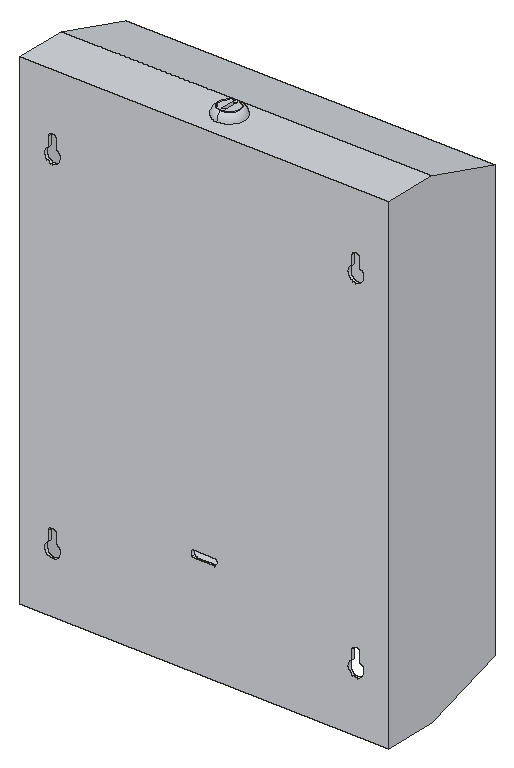
Revit family "AX9001_0016", category Appareils sanitaires, Revit 2016
Family settings
  Hôte = Mur
  Type d'élément = Normal
  Cote de connecteur circulaire = Utiliser le diamètre
  Numéro OmniClass = 23.75.00.00
  Titre OmniClass = Climate Control (HVAC)
  Toujours verticalement = Oui
  Couper avec des vides une fois chargée = Non
  Partagée = Non
  Point de calcul de pièce = Non
Parameters (values of type "Type 1")
  URL = "https://www.axeuro.com/en/wall-mounted-paper-towel-dispensers/15477-paper-towel-dispenser-ax9001-3700926005727.html"
  Type de produit / Type of product = "Distributeur d'essuie-mains / Paper towel dispenser"  # constant formula
  Référence / Reference = "AX9001, AX9001P"  # constant formula
  Model = ""
  Manufacturer = ""
  Entreprise / Company = "Axeuro"  # constant formula
  Description = ""
Reference planes
  plane 1 "Mur": y = 0
  plane 2 "Centre (gauche/droite)": x = 0
  plane 3 "Arrière": y = 75
Forms (mm)
  Extrusion 1, solid
    sketch origin (0, 0, 0) x (0, 1, 0) y (0, 0, 1)
      loop
        line (75, 2098.21) -> (75, 1727.21) -> (115, 1727.21) -> (175.04, 1746.082) -> (175.04, 2079.339) -> (115, 2098.21) -> (75, 2098.21)
    from -140 to 140
  Revolve 2, solid, not visible
    sketch origin (162.118, 0, 18.451) x (0, 1, 0) y (0, 0, 1)
      loop
        line (183.015, 1951.576) -> (183.015, 1947.779) -> (188.973, 1947.779)
        arc (188.973, 1947.779) -> (186.535, 1950.527) -> (183.015, 1951.576) r 6.699
      axis (188.973, 1939.978) -> (183.015, 1939.978)
    angle from 0 to 360
  Extrusion 3, solid, not visible
    sketch origin (162.118, 75, 18.451) x (1, 0, 0) y (0, 0, 1)
      loop
        circle (0, 1940.019) r 7.777
    from -113.973 to -108.015
  Extrusion 4, void, not visible
    sketch origin (164.319, 75, 19.088) x (1, 0, 0) y (0, 0, 1)
      loop
        line (-0.713, 1944.317) -> (-3.713, 1944.317) -> (-3.713, 1934.447) -> (-0.713, 1934.447) -> (-0.713, 1944.317)
    from -113.973 to -108.015
  Revolve 5, solid
    sketch origin (0, 2038.59, 1915.195) x (0, 0, 1) y (0, -1, 0)
      loop
        line (183.015, 1951.576) -> (183.015, 1947.779) -> (188.973, 1947.779)
        arc (188.973, 1947.779) -> (186.535, 1950.527) -> (183.015, 1951.576) r 6.699
      axis (188.973, 1939.978) -> (183.015, 1939.978)
    angle from 0 to 360
  Extrusion 6, solid
    sketch origin (0, 2038.59, 2212.183) x (0, -1, 0) y (1, 0, 0)
      loop
        circle (1940.019, 0) r 7.777
    from -113.973 to -108.015
  Extrusion 7, void
    sketch origin (2.201, 2037.953, 2212.183) x (0, -1, 0) y (1, 0, 0)
      loop
        line (1944.317, -0.713) -> (1934.447, -0.713) -> (1934.447, -3.713) -> (1944.317, -3.713) -> (1944.317, -0.713)
    from -113.973 to -108.015
  Revolve 8, solid, not visible
    sketch origin (162.118, 0, 18.451) x (0, 1, 0) y (0, 0, 1)
      loop
        line (183.015, 1951.576) -> (183.015, 1947.779) -> (188.973, 1947.779)
        arc (188.973, 1947.779) -> (186.535, 1950.527) -> (183.015, 1951.576) r 6.699
      axis (188.973, 1939.978) -> (183.015, 1939.978)
    angle from 0 to 360
  Extrusion 9, solid, not visible
    sketch origin (162.118, 75, 18.451) x (1, 0, 0) y (0, 0, 1)
      loop
        circle (0, 1940.019) r 7.777
    from -113.973 to -108.015
  Extrusion 10, void, not visible
    sketch origin (164.319, 75, 19.088) x (1, 0, 0) y (0, 0, 1)
      loop
        line (-0.713, 1944.317) -> (-3.713, 1944.317) -> (-3.713, 1934.447) -> (-0.713, 1934.447) -> (-0.713, 1944.317)
    from -113.973 to -108.015
  Revolve 11, solid, not visible
    sketch origin (195.933, -84.672, 18.451) x (0, 1, 0) y (0, 0, 1)
      loop
        line (183.015, 1951.576) -> (183.015, 1947.779) -> (188.973, 1947.779)
        arc (188.973, 1947.779) -> (186.535, 1950.527) -> (183.015, 1951.576) r 6.699
      axis (188.973, 1939.978) -> (183.015, 1939.978)
    angle from 0 to 360
  Extrusion 12, solid, not visible
    sketch origin (195.933, 212.316, 18.451) x (1, 0, 0) y (0, 0, 1)
      loop
        circle (0, 1940.019) r 7.777
    from -113.973 to -108.015
  Extrusion 13, void, not visible
    sketch origin (198.134, 212.316, 19.088) x (1, 0, 0) y (0, 0, 1)
      loop
        line (-0.713, 1944.317) -> (-3.713, 1944.317) -> (-3.713, 1934.447) -> (-0.713, 1934.447) -> (-0.713, 1944.317)
    from -113.973 to -108.015
  Extrusion 14, solid
    sketch origin (0, 73, 0) x (1, 0, 0) y (0, 0, 1)
      loop
        line (-4.367, 1825.226) -> (-3.056, 1770.011)
        arc (-3.056, 1770.011) -> (0, 1766.955) -> (3.056, 1770.011) r 3.056
        line (3.056, 1770.011) -> (4.367, 1825.226)
        arc (4.367, 1825.226) -> (0, 1829.593) -> (-4.367, 1825.226) r 4.367
    from -103.158 to -102.04
  Extrusion 15, void
    sketch origin (114.991, 0, 3805.307) x (-1, 0, 0) y (0, 0, -1)
      loop
        arc (2.983, 2027.874) -> (0, 2039.08) -> (-2.983, 2027.874) r 6
        line (-2.983, 2027.874) -> (-2.983, 2020.378)
        arc (-2.983, 2020.378) -> (0, 2018.037) -> (2.983, 2020.378) r 3.071
        line (2.983, 2020.378) -> (2.983, 2027.874)
    from -76.907 to -75
  Extrusion 16, void
    sketch origin (-114.991, 0, 3805.307) x (1, 0, 0) y (0, 0, 1)
      loop
        line (2.983, -2027.874) -> (2.983, -2020.378)
        arc (2.983, -2020.378) -> (0, -2018.037) -> (-2.983, -2020.378) r 3.071
        line (-2.983, -2020.378) -> (-2.983, -2027.874)
        arc (-2.983, -2027.874) -> (0, -2039.08) -> (2.983, -2027.874) r 6
    from -76.907 to -75
  Extrusion 17, void
    sketch origin (0, 0, -210.682) x (1, 0, 0) y (0, 0, 1)
      loop
        arc (-7.001, 2020.879) -> (-9.995, 2017.885) -> (-7.001, 2014.892) r 2.993
        line (-7.001, 2014.892) -> (7.001, 2014.892)
        arc (7.001, 2014.892) -> (9.995, 2017.885) -> (7.001, 2020.879) r 2.993
        line (7.001, 2020.879) -> (-7.001, 2020.879)
    from -76.907 to -75
  Extrusion 18, void
    sketch origin (114.991, 0, 4073.223) x (-1, 0, 0) y (0, 0, -1)
      loop
        arc (2.983, 2027.874) -> (0, 2039.08) -> (-2.983, 2027.874) r 6
        line (-2.983, 2027.874) -> (-2.983, 2020.378)
        arc (-2.983, 2020.378) -> (0, 2018.037) -> (2.983, 2020.378) r 3.071
        line (2.983, 2020.378) -> (2.983, 2027.874)
    from -76.907 to -75
  Extrusion 19, void
    sketch origin (-114.991, 0, 4073.223) x (1, 0, 0) y (0, 0, 1)
      loop
        line (2.983, -2027.874) -> (2.983, -2020.378)
        arc (2.983, -2020.378) -> (0, -2018.037) -> (-2.983, -2020.378) r 3.071
        line (-2.983, -2020.378) -> (-2.983, -2027.874)
        arc (-2.983, -2027.874) -> (0, -2039.08) -> (2.983, -2027.874) r 6
    from -76.907 to -75
  Extrusion 20, void
    sketch origin (0, 0, 0) x (1, 0, 0) y (0, 1, 0)
      loop
        line (119.002, 143.057) -> (88.505, 143.057)
        arc (88.505, 143.057) -> (0, 159.075) -> (-88.505, 143.057) r 252.517
        line (-88.505, 143.057) -> (-119.002, 143.057)
        arc (-119.002, 143.057) -> (-129.002, 129.028) -> (-119.002, 115) r 14.84
        line (-119.002, 115) -> (-88.505, 115)
        arc (-88.505, 115) -> (0, 99.075) -> (88.505, 115) r 253.893
        line (88.505, 115) -> (119.002, 115)
        arc (119.002, 115) -> (129.002, 129.028) -> (119.002, 143.057) r 14.84
    from 1723.1 to 1951.324
  Extrusion 21, void
    sketch origin (0, 0, 0) x (0, 1, 0) y (0, 0, 1)
      loop
        line (76.907, 1731.357) -> (115, 1731.357) -> (173, 1750.202) -> (173, 2073.593) -> (115, 2092.439) -> (76.907, 2092.439) -> (76.907, 1731.357)
    from -137.622 to 137.869
Cuts and joins
  Extrusion 7 cuts Extrusion 6
  Extrusion 15, Extrusion 16, Extrusion 17, Extrusion 18, Extrusion 19, Extrusion 20, Extrusion 21 cuts Extrusion 1
Text (mm)
  text "Côté de la mise en place" at (-1820.995, 1116.779, 0), in view "Niveau de réf."
  text "Côté de la mise en place" at (0, 1334.055, 2976.191), in view "Gauche"
  text "Côté de la mise en place" at (0, 439.194, 2944.362), in view "Droite"
Dimensions and locks
  locked: plane 3 "Arrière" to host wall
  aligned and locked: plane 1 "Mur" to host wall
